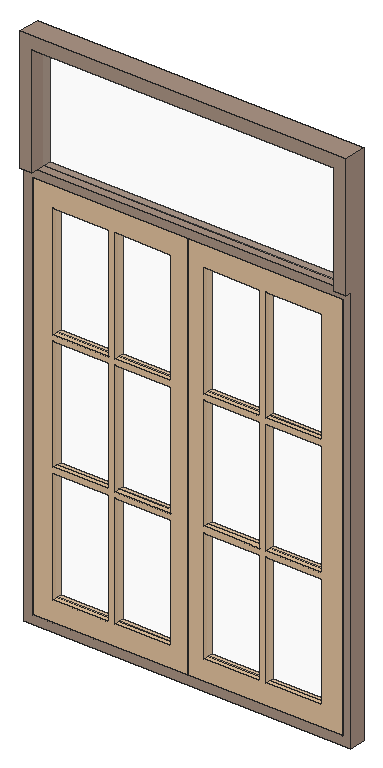
Revit family
Parameters (values of type "1200x1500 mm")
  Ventilator Height = 450 mm
  Top Rail = 60 mm
  Stile = 60 mm
  Shutter = Light Wood
  Panel = Glass (2)
  Height = 1500 mm
  Frame Width = 45 mm
  Frame Depth = 60 mm
  Frame = Dark Wood
  Default Sill Height = 800 mm
  Wall Closure = (empty or 0)
  Width = 1200 mm
  Bottom Rail = 60 mm
Types (4, lengths in mm): name | Width
  (no name) | 1200
  1500x1500 mm | 1500
  1200x1500 mm | 1200
  1800x1500 mm | 1800
Reference planes
  plane 1: y = 5
  plane 2 "Center (Left/Right)": x = 0
  plane 3 "Left": x = -600
  plane 4 "Right": x = 600
  plane 5 "Sill": z = 800
  plane 6 "Head": z = 2300
  plane 7 "Exterior": y = 80
  plane 8 "Interior": y = -70
  plane 9: x = -555
  plane 10: x = 555
  plane 11: y = 35
  plane 12: y = -25
  plane 13: z = 2255
  plane 14: z = 845
  plane 15: x = -495
  plane 16: x = 495
  plane 17: z = 2195
  plane 18: z = 905
  plane 19: x = -60
  plane 20: x = 60
  plane 21: z = 1550
  plane 22: z = 2750
  plane 23: z = 2205
  plane 24: z = 895
  plane 25: z = 1768.333
  plane 26: z = 1331.667
  plane 27: x = 505
  plane 28: x = 50
  plane 29: x = 277.5
  plane 30: x = -505
  plane 31: x = -50
  plane 32: z = 2205
  plane 33: z = 895
  plane 34: z = 1768.333
  plane 35: z = 1331.667
  plane 36: x = -277.5
Forms (mm)
  Sweep 1, solid, material "Dark Wood"
    path origin (0, 5, 0) x (1, 0, 0) y (0, 0, 1)
      loop
        line (-600, 800) -> (600, 800) -> (600, 2300) -> (-600, 2300) -> (-600, 800)
    profile origin (0, 0, 1550) x (-1, 0, 0) y (0, -1, 0)
      loop
        line (600, 25) -> (570, 25) -> (570, -10) -> (555, -10) -> (555, -35) -> (600, -35) -> (600, 25)
  Extrusion 2, solid, material "Light Wood" <- "Shutter"
    sketch origin (0, -25, 0) x (1, 0, 0) y (0, 0, 1)
      loop
        line (0, 830) -> (570, 830) -> (570, 2270) -> (0, 2270) -> (0, 830)
      loop
        line (60, 2195) -> (60, 1778.333) -> (267.5, 1778.333) -> (267.5, 2195) -> (60, 2195)
      loop
        line (60, 905) -> (267.5, 905) -> (267.5, 1321.667) -> (60, 1321.667) -> (60, 905)
      loop
        line (495, 905) -> (495, 1321.667) -> (287.5, 1321.667) -> (287.5, 905) -> (495, 905)
      loop
        line (495, 2195) -> (287.5, 2195) -> (287.5, 1778.333) -> (495, 1778.333) -> (495, 2195)
      loop
        line (495, 1758.333) -> (287.5, 1758.333) -> (287.5, 1341.667) -> (495, 1341.667) -> (495, 1758.333)
      loop
        line (267.5, 1758.333) -> (60, 1758.333) -> (60, 1341.667) -> (267.5, 1341.667) -> (267.5, 1758.333)
    from 0 to -35
  Sweep 3, solid, material "Dark Wood"
    path origin (0, 5, 0) x (1, 0, 0) y (0, 0, 1)
      loop
        line (-600, 2300) -> (-600, 2750) -> (600, 2750) -> (600, 2300)
    profile origin (0, 0, 2525) x (-1, 0, 0) y (0, -1, 0)
      loop
        line (600, -35) -> (600, 45) -> (555, 45) -> (555, -35) -> (600, -35)
  Extrusion 4, solid, material "Glass (2)" <- "Panel"
    sketch origin (0, 5, 0) x (1, 0, 0) y (0, 0, 1)
      loop
        line (-555, 2705) -> (-555, 2300) -> (555, 2300) -> (555, 2705) -> (-555, 2705)
    from -2 to 2
  Extrusion 5, solid, material "Glass (2)" <- "Panel"
    sketch origin (0, -25, 0) x (1, 0, 0) y (0, 0, 1)
      loop
        line (60, 2195) -> (60, 1778.333) -> (267.5, 1778.333) -> (267.5, 2195) -> (60, 2195)
      loop
        line (287.5, 2195) -> (287.5, 1778.333) -> (495, 1778.333) -> (495, 2195) -> (287.5, 2195)
      loop
        line (60, 1758.333) -> (60, 1341.667) -> (267.5, 1341.667) -> (267.5, 1758.333) -> (60, 1758.333)
      loop
        line (287.5, 1758.333) -> (287.5, 1341.667) -> (495, 1341.667) -> (495, 1758.333) -> (287.5, 1758.333)
      loop
        line (60, 1321.667) -> (60, 905) -> (267.5, 905) -> (267.5, 1321.667) -> (60, 1321.667)
      loop
        line (287.5, 1321.667) -> (287.5, 905) -> (495, 905) -> (495, 1321.667) -> (287.5, 1321.667)
      loop
        line (-495, 2195) -> (-495, 1778.333) -> (-287.5, 1778.333) -> (-287.5, 2195) -> (-495, 2195)
      loop
        line (-267.5, 2195) -> (-267.5, 1778.333) -> (-60, 1778.333) -> (-60, 2195) -> (-267.5, 2195)
      loop
        line (-495, 1758.333) -> (-495, 1341.667) -> (-287.5, 1341.667) -> (-287.5, 1758.333) -> (-495, 1758.333)
      loop
        line (-267.5, 1758.333) -> (-267.5, 1341.667) -> (-60, 1341.667) -> (-60, 1758.333) -> (-267.5, 1758.333)
      loop
        line (-495, 1321.667) -> (-495, 905) -> (-287.5, 905) -> (-287.5, 1321.667) -> (-495, 1321.667)
      loop
        line (-267.5, 1321.667) -> (-267.5, 905) -> (-60, 905) -> (-60, 1321.667) -> (-267.5, 1321.667)
    from -16 to -20
  Extrusion 6, solid, material "Light Wood" <- "Shutter"
    sketch origin (0, -25, 0) x (1, 0, 0) y (0, 0, 1)
      loop
        line (-570, 2270) -> (-570, 830) -> (0, 830) -> (0, 2270) -> (-570, 2270)
      loop
        line (-495, 2195) -> (-495, 1778.333) -> (-287.5, 1778.333) -> (-287.5, 2195) -> (-495, 2195)
      loop
        line (-495, 905) -> (-287.5, 905) -> (-287.5, 1321.667) -> (-495, 1321.667) -> (-495, 905)
      loop
        line (-60, 905) -> (-60, 1321.667) -> (-267.5, 1321.667) -> (-267.5, 905) -> (-60, 905)
      loop
        line (-60, 2195) -> (-267.5, 2195) -> (-267.5, 1778.333) -> (-60, 1778.333) -> (-60, 2195)
      loop
        line (-495, 1758.333) -> (-495, 1341.667) -> (-287.5, 1341.667) -> (-287.5, 1758.333) -> (-495, 1758.333)
      loop
        line (-60, 1758.333) -> (-267.5, 1758.333) -> (-267.5, 1341.667) -> (-60, 1341.667) -> (-60, 1758.333)
    from 0 to -35
Cuts and joins
  joined: Sweep 1, Sweep 3
Lines and regions (mm)
  Opening 1
    outline origin (3500, -70, 0) x (1, 0, 0) y (0, 0, 1)
      loop
        line (-2900, 800) -> (-2900, 2300) -> (-2900, 2750) -> (-4100, 2750) -> (-4100, 2300) -> (-4100, 800) -> (-2900, 800)
  symbolic lines, style "WindowsFrameMullionProjection", detail levels medium+fine
    curve 1: line (-600, 35, 0) -> (-555, 35, 0)
    curve 2: line (-555, 35, 0) -> (-555, -10, 0)
    curve 3: line (-570, -10, 0) -> (-555, -10, 0)
    curve 4: line (-570, -10, 0) -> (-570, -25, 0)
    curve 5: line (-600, -25, 0) -> (-570, -25, 0)
    curve 6: line (600, 35, 0) -> (555, 35, 0)
    curve 7: line (555, 35, 0) -> (555, 5, 0)
    curve 8: line (555, 10, 0) -> (570, 10, 0)
    curve 9: line (570, 10, 0) -> (570, -25, 0)
    curve 10: line (570, -25, 0) -> (600, -25, 0)
    curve 11: line (600, -25, 0) -> (600, 35, 0)
    curve 12: line (-600, 35, 0) -> (-600, -25, 0)
  symbolic lines, style "WindowsFrameMullionProjection", detail levels coarse
    curve 13: line (-570, -25, 0) -> (-600, -25, 0)
    curve 14: line (-570, 35, 0) -> (-570, -25, 0)
    curve 15: line (-600, 35, 0) -> (-570, 35, 0)
    curve 16: line (-600, -25, 0) -> (-600, 35, 0)
    curve 17: line (570, -25, 0) -> (600, -25, 0)
    curve 18: line (570, 35, 0) -> (570, -25, 0)
    curve 19: line (600, 35, 0) -> (570, 35, 0)
    curve 20: line (600, -25, 0) -> (600, 35, 0)
  symbolic lines, style "Plan Swing", detail levels coarse
    curve 21: line (-570, 10, 0) -> (570, 10, 0)
    curve 22: line (-570, -25, 0) -> (570, -25, 0)
  symbolic lines, style "Elevation Swing Coarse", detail levels coarse
    curve 23: line (0, 0, 2255) -> (555, 0, 1550)
    curve 24: line (555, 0, 1550) -> (0, 0, 845)
    curve 25: line (0, 0, 2255) -> (-555, 0, 1550)
    curve 26: line (-555, 0, 1550) -> (0, 0, 845)
  symbolic lines, style "Elevation Swing Medium", detail levels medium
    curve 27: line (0, 0, 2255) -> (555, 0, 1550)
    curve 28: line (555, 0, 1550) -> (0, 0, 845)
    curve 29: line (0, 0, 2255) -> (-555, 0, 1550)
    curve 30: line (-555, 0, 1550) -> (0, 0, 845)
  symbolic lines, style "Elevation Swing Fine", detail levels fine
    curve 31: line (0, 0, 2255) -> (555, 0, 1550)
    curve 32: line (555, 0, 1550) -> (0, 0, 845)
    curve 33: line (0, 0, 2255) -> (-555, 0, 1550)
    curve 34: line (-555, 0, 1550) -> (0, 0, 845)
Text (mm)
  text "EXTERIOR" at (-1981.466, 1225.176, 0), in view "Ref. Level"
  text "INTERIOR" at (-1981.466, -818.386, 0), in view "Ref. Level"
  text "Exterior" at (0, 923.751, 2943.296), in view "Right"
  text "Exterior" at (0, 1040.484, 2685.409), in view "Left"
Dimensions and locks
  equal spacing: plane 3 "Left", plane 2 "Center (Left/Right)", plane 4 "Right"
  "Width": plane 3 "Left" to plane 4 "Right"
  "Height": plane 5 "Sill" to plane 6 "Head"
  "Default Sill Height": plane 5 "Sill" to level
  locked: plane 7 "Exterior" to host wall at 0
  locked: plane 8 "Interior" to host wall
  locked: Sweep 1 sketch curve to Sweep 1 sketch curve at 15
  locked: Sweep 1 sketch curve to Sweep 1 sketch curve at 35
  "Frame Width": plane 3 "Left" to plane 9
  "Frame Width": plane 10 to plane 4 "Right"
  equal spacing: plane 12, plane 1, plane 11
  "Frame Depth": plane 12 to plane 11
  "Frame Width": plane 6 "Head" to plane 13
  "Frame Width": plane 14 to plane 5 "Sill"
  "Stile": plane 15 to plane 9
  "Stile": plane 10 to plane 16
  "Stile": plane 2 "Center (Left/Right)" to plane 19
  "Stile": plane 20 to plane 2 "Center (Left/Right)"
  "Top Rail": plane 13 to plane 17
  "Bottom Rail": plane 18 to plane 14
  equal spacing: plane 6 "Head", plane 21, plane 5 "Sill"
  "Ventilator Height": plane 22 to plane 6 "Head"
  equal spacing: plane 23, plane 25, plane 26, plane 24
  locked: plane 23 to plane 17 at 10
  locked: plane 18 to plane 24 at 10
  equal spacing: plane 28, plane 29, plane 27
  locked: plane 20 to plane 28 at 10
  locked: plane 27 to plane 16 at 10
  locked: Extrusion 5 to Extrusion 2 at 15
  locked: Sweep 1 to Extrusion 5 at 16
  locked: plane 30 to plane 15 at 10
  locked: plane 31 to plane 19 at 10
  locked: plane 32 to plane 17 at 10
  locked: plane 18 to plane 33 at 10
  equal spacing: plane 30, plane 36, plane 31
  equal spacing: plane 32, plane 34, plane 35, plane 33
  equal spacing: plane 8 "Interior", plane 1, plane 7 "Exterior"
  aligned and locked: host wall to Sweep 1 sketch curve
  aligned and locked: Sweep 1 sketch curve to host wall  (x2)
  aligned and locked: Sweep 1 sketch curve to plane 12
  aligned and locked: Sweep 1 sketch curve to plane 3 "Left"
  aligned and locked: Sweep 1 sketch curve to plane 11
  aligned and locked: plane 9 to Sweep 1 sketch curve
  aligned and locked: plane 20 to Extrusion 2 sketch curve
  aligned and locked: plane 17 to Extrusion 2 sketch curve
  aligned and locked: plane 18 to Extrusion 2 sketch curve
  aligned and locked: Extrusion 2 sketch curve to plane 16
  aligned and locked: curve 1 to Sweep 1
  aligned and locked: curve 2 to Sweep 1
  aligned and locked: curve 3 to Sweep 1
  aligned and locked: Sweep 1 to curve 5
  aligned and locked: Sweep 1 to curve 6
  aligned and locked: curve 7 to Sweep 1
  aligned and locked: curve 7 to curve 8
  aligned and locked: Sweep 1 to curve 8
  aligned and locked: Sweep 1 to curve 9
  aligned and locked: curve 11 to Sweep 1
  aligned and locked: plane 3 "Left" to Opening 1 sketch curve
  aligned and locked: Opening 1 sketch curve to plane 22
  aligned and locked: Sweep 3 sketch curve to host wall  (x3)
  aligned and locked: Sweep 3 sketch curve to Sweep 1  (x3)
  aligned and locked: Sweep 3 sketch curve to plane 3 "Left"
  aligned and locked: Extrusion 4 sketch curve to Sweep 3  (x3)
  aligned and locked: Sweep 1 to Extrusion 4 sketch curve
  aligned and locked: Extrusion 2 to Extrusion 5 sketch curve  (x6)
  aligned and locked: Extrusion 5 sketch curve to Extrusion 2  (x18)
  aligned and locked: Sweep 1 to curve 16
  aligned and locked: curve 20 to Sweep 1
  aligned and locked: curve 14 to curve 21
  aligned and locked: curve 21 to Extrusion 2
  aligned and locked: Extrusion 6 sketch curve to cut or joined group of Sweep 1, Sweep 3  (x2)
  aligned and locked: Extrusion 6 sketch curve to Extrusion 2  (x2)
  aligned and locked: Extrusion 6 sketch curve to Extrusion 6 sketch curve  (x4)
  aligned and locked: plane 15 to Extrusion 6 sketch curve
  aligned and locked: Extrusion 5 sketch curve to Extrusion 6  (x6)
  aligned and locked: curve 23 to cut or joined group of Sweep 1, Sweep 3  (x2)
  aligned and locked: curve 24 to plane 2 "Center (Left/Right)"
  aligned and locked: cut or joined group of Sweep 1, Sweep 3 to curve 25
  aligned and locked: curve 28 to cut or joined group of Sweep 1, Sweep 3
Automatic sketch dimensions
  Opening 1 sketch curve to plane 4 "Right" = 0 mm
  Opening 1 sketch curve to plane 5 "Sill" = 0 mm
  Opening 1 sketch curve to plane 6 "Head" = 0 mm  (x2)
  Sweep 1 sketch curve to plane 6 "Head" = 0 mm
  Sweep 3 sketch curve to plane 6 "Head" = 0 mm  (x2)
  plane 1 to Sweep 3 sketch curve = 50 mm
  plane 10 to curve 9 = 15 mm
  curve 7 to curve 8 = 5 mm
  plane 1 to curve 2 = 15 mm
  Extrusion 2 sketch curve to plane 2 "Center (Left/Right)" = 0 mm
  Extrusion 2 sketch curve to plane 20 = 0 mm  (x2)
  Extrusion 2 sketch curve to plane 18 = 0 mm
  Extrusion 2 sketch curve to plane 17 = 0 mm
  Extrusion 2 sketch curve to plane 16 = 0 mm  (x2)
  plane 29 to Extrusion 2 sketch curve = 10 mm  (x3)
  Extrusion 2 sketch curve to plane 29 = 10 mm  (x3)
  plane 10 to Extrusion 2 sketch curve = 15 mm
  plane 14 to Extrusion 2 sketch curve = 15 mm
  plane 26 to Extrusion 2 sketch curve = 10 mm  (x2)
  Extrusion 2 sketch curve to plane 26 = 10 mm  (x2)
  plane 25 to Extrusion 2 sketch curve = 10 mm  (x2)
  Extrusion 2 sketch curve to plane 25 = 10 mm  (x2)
  Extrusion 2 sketch curve to plane 13 = 15 mm
  Extrusion 6 sketch curve to plane 15 = 0 mm  (x2)
  Extrusion 6 sketch curve to plane 19 = 0 mm  (x3)
  plane 36 to Extrusion 6 sketch curve = 10 mm  (x2)
  plane 34 to Extrusion 6 sketch curve = 10 mm  (x2)
  Extrusion 6 sketch curve to plane 34 = 10 mm  (x2)
  Extrusion 6 sketch curve to plane 18 = 0 mm  (x2)
  Extrusion 6 sketch curve to plane 36 = 10 mm  (x2)
  plane 35 to Extrusion 6 sketch curve = 10 mm  (x2)
  Extrusion 6 sketch curve to plane 35 = 10 mm  (x2)
  Extrusion 6 sketch curve to plane 17 = 0 mm
  Extrusion 5 sketch curve to plane 15 = 0 mm  (x3)
  Extrusion 5 sketch curve to plane 18 = 0 mm  (x2)
  Extrusion 5 sketch curve to plane 17 = 0 mm  (x2)
  Extrusion 5 sketch curve to plane 19 = 0 mm  (x3)
  Extrusion 5 sketch curve to Extrusion 5 sketch curve = 0 mm  (x4)
  Extrusion 5 sketch curve to Extrusion 5 sketch curve = 20 mm  (x4)
  curve 26 to plane 21 = 0 mm
  curve 27 to plane 21 = 0 mm
  curve 27 to plane 2 "Center (Left/Right)" = 0 mm
